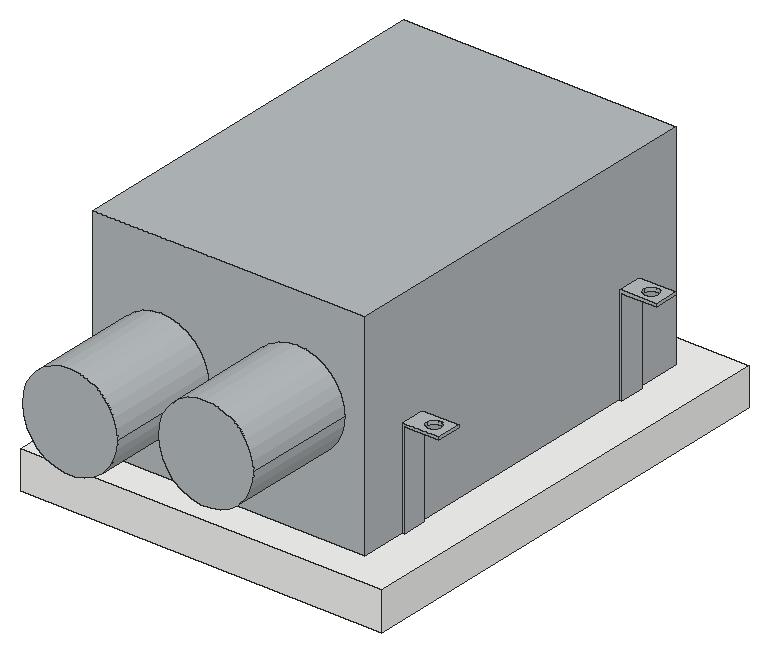
Revit family "v-142_243bz(l)5_60Hz", category 機械設備, Revit 2019
Family settings
  丸型コネクタ寸法 = 直径を使用
  パーツ タイプ = 標準
  OmniClass 番号 = 23.75.35.17.27
  OmniClass タイトル = Centrifugal Fans
  作業面ベース = いいえ
  常に垂直 = はい
  ロード時にボイドで切り取り = いいえ
  共有 = いいえ
  部屋計算ポイント = はい
Parameters (values of type "V-142BZ5")
  騒音レベル(dB(A)) [instance] = 45
  風量 [instance] = 170.0 m³/h
  電源種別 [instance] = ""
  電圧 = 100 V
  電動機出力 = 0 W
  電動機_種別 [instance] = ""
  運転質量 = 0.00 kg
  連動 [instance] = ""
  質量 = if(製品質量 > 運転質量, 製品質量, 運転質量) * 1.2  # 10.68 kg
  負荷分類 = 3_ファン類
  説明 = "バス乾燥・暖房・換気システム 標準タイプ 2部屋用"
  設計風量 [instance] = 0.0 m³/h
  設置方法 = "カセット形"
  記号 [instance] = ""
  製造元 = "三菱電機株式会社"
  製品質量 = 8.90 kg
  製品出荷対象 = "国内"
  製品リリース年月 = "2022年5月10日"
  製品グループ = ""
  系統 [instance] = ""
  符号 [instance] = if(☑給気／□排気, "FS", "FE")  # "FE"
  積算_科目 = "2 換気設備"
  積算_拾い区分 [instance] = ""
  相 = 1
  盤記号 [instance] = ""
  発停方法 [instance] = ""
  特殊仕様 [instance] = ""
  点検口離隔 = 150 mm
  点検口_Depth = 450 mm
  点検口 = yes
  火災停止 [instance] = ""
  消費電力 = 1250 W
  法定耐用年数 = "10"
  機外静圧 [instance] = 0.0 Pa
  極数 = 2
  材質 [instance] = ""
  操作・制御方式 = ""
  操作・制御スイッチ = ""
  排気量 [instance] = if(☑給気／□排気, 0.0 m³/h, 設計風量)  # 0.0 m³/h
  形式 = ""
  幹線記号 [instance] = ""
  対象室 [instance] = ""
  実風量 [instance] = 0.0 m³/h
  始動方式 [instance] = "直入"
  天吊金具ピッチ2 = 279.6 mm
  天吊金具ピッチ1 = 326.5 mm
  天吊金具_高さ = 99 mm
  天吊金具_径 = 15 mm
  外気量 [instance] = if(☑給気／□排気, 設計風量, 0.0 m³/h)  # 0.0 m³/h
  呼称 = "天井扇"
  周波数 = 60 Hz
  参照している仕様書等のバージョン = ""
  分類コード = "50052503100080"
  分類グループ = ""
  価格 = 124600
  企業コード = "108420"
  付属品_防振装置 = ""
  付属品 [instance] = ""
  仕様書バージョン = "Version1.0"
  モデル = "V-142BZ5"
  マテリアル = 亜鉛メッキ鋼板
  ファンの種類 = ""
  ダクト径 = 100 mm
  コメント [instance] = ""
  Keynote = ""
  カバーマテリアル = 合成樹脂(白)
  ☑給気／□排気 [instance] = no
  Width = 280 mm
  W1 = 372 mm
  Version = ""
  Uniclass2015Version = "Systems v1.9"
  Uniclass2015Title = "Centrifugal fans"
  Uniclass2015Code = "Pr_65_67_29_12"
  URL = "https://www.mitsubishielectric.co.jp/ldg/wink/ssl/displayProduct.do?pid=320525"
  SpecificationReference = ""
  SpecificationDescription = ""
  Revision = ""
  RAダクト接続口_A = yes
  RAダクト接続口_B = no
  RAダクト接続口_C = no
  RAサイズ_D = 98 mm
  ProductInformation = ""
  OmniClassCode = "23-33 31 19 11 15"
  MIN風量 = 90.0 m³/h
  MIN静圧 = 0.0 Pa
  MID風量 = 0.0 m³/h
  MID静圧 = 0.0 Pa
  MAX風量 = 170.0 m³/h
  MAX静圧 = 0.0 Pa
  IfcTypeProduct = ""
  IfcProduct = ""
  IfcExportType = "PROPELLORAXIAL"
  IfcExportAs = "IfcFanType"
  Height = 220 mm
  H1 = 39 mm
  EAサイズ_D = 98 mm
  Duct_RA_H = 101 mm
  Duct_RA_EA_W = 70 mm
  Duct_EA_H = 121 mm
  Duct_Depth = 117 mm
  DuctChange_D = 53.6 mm
  Depth = 400 mm
  D1 = 472 mm
  Author = "三菱電機株式会社"
Types (6, lengths in mm): name | 騒音レベル(dB(A)) | 風量 | 電圧 | 質量 | 説明 | 製品質量 | 消費電力 | 極数 | 価格 | モデル | URL | RAダクト接続口_B | MIN風量 | MAX風量 | Height
  V-142BZL5 | 45 | 170.0 m³/h | 100 V | 10.20 kg | "バス乾燥・暖房・換気システム 標準タイプ 2部屋用" | 8.50 kg | 1230 W | 2 | 150700 | "V-142BZL5" | "https://www.mitsubishielectric.co.jp/ldg/wink/ssl/displayProduct.do?pid=320526" | no | 90.0 m³/h | 170.0 m³/h | 200
  V-143BZL5 | 44 | 170.0 m³/h | 100 V | 10.44 kg | "バス乾燥・暖房・換気システム 標準タイプ 3部屋用" | 8.70 kg | 1230 W | 2 | 153000 | "V-143BZL5" | "https://www.mitsubishielectric.co.jp/ldg/wink/ssl/displayProduct.do?pid=320529" | yes | 90.0 m³/h | 170.0 m³/h | 200
  V-142BZ5 | 45 | 170.0 m³/h | 100 V | 10.68 kg | "バス乾燥・暖房・換気システム 標準タイプ 2部屋用" | 8.90 kg | 1250 W | 2 | 124600 | "V-142BZ5" | "https://www.mitsubishielectric.co.jp/ldg/wink/ssl/displayProduct.do?pid=320525" | no | 90.0 m³/h | 170.0 m³/h | 220
  V-143BZ5 | 44 | 170.0 m³/h | 100 V | 10.92 kg | "バス乾燥・暖房・換気システム 標準タイプ 3部屋用" | 9.10 kg | 1250 W | 2 | 126900 | "V-143BZ5" | "https://www.mitsubishielectric.co.jp/ldg/wink/ssl/displayProduct.do?pid=320528" | yes | 90.0 m³/h | 170.0 m³/h | 220
  V-242BZL5 | 49 | 210.0 m³/h | 200 V | 10.68 kg | "バス乾燥・暖房・換気システム 標準タイプ 2部屋用" | 8.90 kg | 2050 W | 3 | 176800 | "V-242BZL5" | "https://www.mitsubishielectric.co.jp/ldg/wink/ssl/displayProduct.do?pid=320491" | no | 110.0 m³/h | 210.0 m³/h | 200
  V-243BZL5 | 49 | 210.0 m³/h | 200 V | 11.04 kg | "バス乾燥・暖房・換気システム 標準タイプ 3部屋用" | 9.20 kg | 2050 W | 3 | 179000 | "V-243BZL5" | "https://www.mitsubishielectric.co.jp/ldg/wink/ssl/displayProduct.do?pid=320492" | yes | 110.0 m³/h | 210.0 m³/h | 200
Reference planes
  plane 1 "中心(正面/背面)": y = 0
  plane 2: z = 0
  plane 3 "中心(左/右)": x = 0
  plane 4: x = -186
  plane 5: x = 186
  plane 6: y = 236
  plane 7: y = -236
  plane 8: x = -140
  plane 9: x = 140
  plane 10: y = 200
  plane 11: y = -200
  plane 12: y = -317
  plane 13: z = 220
  plane 14: z = -39
  plane 15: z = 101
  plane 16: x = -163.25
  plane 17: x = 163.25
  plane 18: y = 139.8
  plane 19: y = -139.8
  plane 20: x = 70
  plane 21: x = -70
  plane 22: y = -53.6
  plane 23: x = -257
  plane 24: x = 257
  plane 25: x = -290
  plane 26: x = -740
  plane 27: y = 225
  plane 28: y = -225
  plane 29: z = 121
  plane 30: x = -143
  plane 31: x = 143
  plane 32: z = 102
  plane 33: z = 99
Forms (mm)
  Extrusion 1, solid, material "亜鉛メッキ鋼板" <- "マテリアル", detail levels fine
    sketch origin (0, 0, 0) x (1, 0, 0) y (0, 1, 0)
      loop
        line (-140, 200) -> (-140, -200) -> (140, -200) -> (140, 200) -> (-140, 200)
    from 0 to 220
  Extrusion 2, solid, material "合成樹脂(白)" <- "カバーマテリアル", detail levels fine
    sketch origin (0, 0, 0) x (1, 0, 0) y (0, 1, 0)
      loop
        line (-186, 236) -> (-186, -236) -> (186, -236) -> (186, 236) -> (-186, 236)
    from 0 to -39
  Extrusion 3, solid, material "亜鉛メッキ鋼板" <- "マテリアル", detail levels fine
    sketch origin (0, 0, 0) x (1, 0, 0) y (0, 0, 1)
      loop
        circle (70, 121) r 49
    from 200 to 317
  Extrusion 4, solid, material "亜鉛メッキ鋼板" <- "マテリアル", visible <- "RAダクト接続口_A", detail levels fine
    sketch origin (0, 0, 0) x (1, 0, 0) y (0, 0, 1)
      loop
        circle (-70, 101) r 49
    from 200 to 317
  Extrusion 5, solid, material "亜鉛メッキ鋼板" <- "マテリアル", visible <- "RAダクト接続口_C", detail levels fine
    sketch origin (0, 0, 0) x (0, 1, 0) y (0, 0, 1)
      loop
        circle (-53.6, 101) r 49
    from 140 to 257
  Extrusion 6, solid, material "亜鉛メッキ鋼板" <- "マテリアル", visible <- "RAダクト接続口_B", detail levels fine
    sketch origin (0, 0, 0) x (0, 1, 0) y (0, 0, 1)
      loop
        circle (-53.6, 101) r 49
    from -257 to -140
  Extrusion 7, solid, material "亜鉛メッキ鋼板" <- "マテリアル", detail levels fine
    sketch origin (0, 0, 0) x (1, 0, 0) y (0, 1, 0)
      loop
        line (-140, -127.3) -> (-178.25, -127.3) -> (-178.25, -152.3) -> (-140, -152.3) -> (-140, -127.3)
      loop
        circle (-163.25, -139.8) r 7.5
      loop
        line (-140, 152.3) -> (-178.25, 152.3) -> (-178.25, 127.3) -> (-140, 127.3) -> (-140, 152.3)
      loop
        line (140, -127.3) -> (140, -152.3) -> (178.25, -152.3) -> (178.25, -127.3) -> (140, -127.3)
      loop
        line (140, 152.3) -> (140, 127.3) -> (178.25, 127.3) -> (178.25, 152.3) -> (140, 152.3)
      loop
        circle (-163.25, 139.8) r 7.5
      loop
        circle (163.25, 139.8) r 7.5
      loop
        circle (163.25, -139.8) r 7.5
    from 99 to 102
  Extrusion 8, solid, material "亜鉛メッキ鋼板" <- "マテリアル", detail levels fine
    sketch origin (0, 0, 0) x (1, 0, 0) y (0, 1, 0)
      loop
        line (-143, -127.3) -> (-143, -152.3) -> (-140, -152.3) -> (-140, -127.3) -> (-143, -127.3)
      loop
        line (-143, 152.3) -> (-143, 127.3) -> (-140, 127.3) -> (-140, 152.3) -> (-143, 152.3)
      loop
        line (143, 152.3) -> (140, 152.3) -> (140, 127.3) -> (143, 127.3) -> (143, 152.3)
      loop
        line (143, -127.3) -> (140, -127.3) -> (140, -152.3) -> (143, -152.3) -> (143, -127.3)
    from 0 to 102
Cuts and joins
  joined: Extrusion 7, Extrusion 8
Dimensions and locks
  equal spacing: plane 4, plane 3 "中心(左/右)", plane 5
  "W1": plane 4 to plane 5
  equal spacing: plane 6, plane 1 "中心(正面/背面)", plane 7
  "D1": plane 6 to plane 7
  equal spacing: plane 8, plane 3 "中心(左/右)", plane 9
  "Width": plane 8 to plane 9
  equal spacing: plane 10, plane 1 "中心(正面/背面)", plane 11
  "Depth": plane 10 to plane 11
  "Duct_Depth": plane 11 to plane 12
  "Height": plane 13 to plane 2
  "Duct_RA_H": plane 15 to plane 2
  equal spacing: plane 16, plane 3 "中心(左/右)", plane 17
  "天吊金具ピッチ1": plane 16 to plane 17
  equal spacing: plane 18, plane 1 "中心(正面/背面)", plane 19
  "天吊金具ピッチ2": plane 18 to plane 19
  "H1": plane 2 to plane 14
  "Duct_RA_EA_W": plane 20 to plane 3 "中心(左/右)"
  "Duct_RA_EA_W": plane 21 to plane 3 "中心(左/右)"
  "DuctChange_D": plane 1 "中心(正面/背面)" to plane 22
  "Duct_Depth": plane 23 to plane 8
  "Duct_Depth": plane 9 to plane 24
  "点検口_Depth": plane 27 to plane 28
  equal spacing: plane 27, plane 1 "中心(正面/背面)", plane 28
  "点検口_Depth": plane 26 to plane 25
  "点検口離隔": plane 25 to plane 8
  "Duct_EA_H": plane 29 to level
  Extrusion 7 sketch curve to Extrusion 7 sketch curve = 25 mm  (x4)
  equal spacing: Extrusion 7 sketch curve, plane 19, Extrusion 7 sketch curve  (x2)
  Extrusion 7 sketch curve to plane 16 = 15 mm  (x2)
  equal spacing: Extrusion 7 sketch curve, plane 18, Extrusion 7 sketch curve  (x2)
  plane 17 to Extrusion 7 sketch curve = 15 mm  (x2)
  plane 9 to plane 31 = 3 mm
  plane 30 to plane 8 = 3 mm
  plane 32 to plane 33 = 3 mm
  "天吊金具_高さ": plane 33 to plane 2
  "RAサイズ_D": diameter of Extrusion 4 sketch curve
  "RAサイズ_D": diameter of Extrusion 5 sketch curve
  "RAサイズ_D": diameter of Extrusion 6 sketch curve
  "EAサイズ_D": diameter of Extrusion 3 sketch curve
  "天吊金具_径": diameter of Extrusion 7 sketch curve  (x4)
  aligned and locked: level to plane 2
  aligned and locked: plane 5 to Extrusion 2
  aligned and locked: plane 6 to Extrusion 2
  aligned and locked: Extrusion 2 to plane 4
  aligned and locked: Extrusion 2 to plane 7
  aligned and locked: plane 9 to Extrusion 1
  aligned and locked: Extrusion 1 to plane 11
  aligned and locked: Extrusion 1 to plane 8
  aligned and locked: plane 10 to Extrusion 1
  aligned and locked: plane 13 to Extrusion 1
  aligned and locked: Extrusion 2 to plane 14
  aligned and locked: level to Extrusion 2
  aligned and locked: Extrusion 1 to level
  aligned and locked: Extrusion 3 to plane 12
  aligned and locked: plane 11 to Extrusion 3
  aligned and locked: nested 2 to plane 16
  aligned and locked: nested 2 to plane 17
  aligned and locked: nested 2 to plane 19
  aligned and locked: nested 2 to plane 18
  aligned and locked: Extrusion 4 to plane 12
  aligned and locked: plane 11 to Extrusion 4
  aligned and locked: Extrusion 6 to plane 23
  aligned and locked: plane 8 to Extrusion 6
  aligned and locked: plane 24 to Extrusion 5
  aligned and locked: Extrusion 5 to plane 9
  aligned and locked: plane 25 to nested 3
  aligned and locked: plane 26 to nested 3
  aligned and locked: plane 28 to nested 3
  aligned and locked: plane 27 to nested 3
  aligned and locked: plane 8 to Extrusion 7 sketch curve
  aligned and locked: plane 9 to Extrusion 7 sketch curve  (x2)
  aligned and locked: Extrusion 8 sketch curve to Extrusion 7  (x10)
  aligned and locked: plane 30 to Extrusion 8 sketch curve  (x2)
  aligned and locked: Extrusion 7 to Extrusion 8 sketch curve  (x2)
  aligned and locked: plane 31 to Extrusion 8 sketch curve  (x2)
  aligned and locked: plane 32 to Extrusion 7
  aligned and locked: Extrusion 7 to plane 33
  aligned and locked: plane 32 to Extrusion 8
  aligned and locked: Extrusion 8 to plane 2
Automatic sketch dimensions
  Extrusion 4 sketch curve to plane 15 = 0 mm
  plane 21 to Extrusion 4 sketch curve = 0 mm
  Extrusion 5 sketch curve to plane 15 = 0 mm
  Extrusion 5 sketch curve to plane 22 = 0 mm
  Extrusion 6 sketch curve to plane 15 = 0 mm
  Extrusion 6 sketch curve to plane 22 = 0 mm
  Extrusion 3 sketch curve to plane 20 = 0 mm
  Extrusion 3 sketch curve to plane 29 = 0 mm
  Extrusion 1 sketch curve to plane 8 = 0 mm
  Extrusion 1 sketch curve to plane 9 = 0 mm
  Extrusion 1 sketch curve to plane 11 = 0 mm
  Extrusion 1 sketch curve to plane 10 = 0 mm
  Extrusion 2 sketch curve to plane 4 = 0 mm
  Extrusion 2 sketch curve to plane 5 = 0 mm
  Extrusion 2 sketch curve to plane 7 = 0 mm
  Extrusion 2 sketch curve to plane 6 = 0 mm
  Extrusion 7 sketch curve to plane 16 = 0 mm  (x2)
  Extrusion 7 sketch curve to plane 8 = 0 mm
  Extrusion 7 sketch curve to plane 17 = 0 mm  (x2)
  Extrusion 7 sketch curve to plane 19 = 0 mm  (x2)
  Extrusion 7 sketch curve to plane 18 = 0 mm  (x2)
Nested families
  nested 1: "記号_天井換気扇_平面" at (0, 0, 0), type "記号_天井換気扇_平面", detail levels coarse+medium
  nested 2: "固定点" at (-163.25, -139.8, 0), type "固定点"
    with W 326.5 mm, D 279.6 mm
  nested 3: "点検口設置範囲" at (-515, 0, 0), visible <- "点検口", type "点検口設置範囲"
    with Width 450 mm, Depth 450 mm
Connectors
  hvac at (70, -317, 121), driven by "ダクト径", driven by "風量", driven by "機外静圧"
    settings: on Extrusion 3, index 1, duct flow 170.0 m³/h, flow factor 0, pres drop 0.0 Pa, loss coef 0, conn angle 0.00°, conn width 304.8 mm, conn height 304.8 mm, conn diameter 100 mm, duct sys type 3, conn prof type 0, flow config 0, flow direction 2, loss method 4, conn ref index -1, conn util no, is conn primary yes, conn desc ""
  hvac at (-70, -317, 101), driven by "ダクト径", driven by "機外静圧", driven by "風量"
    settings: on Extrusion 4, index 3, duct flow 170.0 m³/h, flow factor 0, pres drop 0.0 Pa, loss coef 0, conn angle 0.00°, conn width 304.8 mm, conn height 304.8 mm, conn diameter 100 mm, duct sys type 2, conn prof type 0, flow config 0, flow direction 1, loss method 4, conn ref index -1, conn util no, is conn primary no, conn desc ""
  hvac at (257, -53.6, 101), driven by "ダクト径", driven by "機外静圧", driven by "風量"
    settings: on Extrusion 5, index 4, duct flow 170.0 m³/h, flow factor 0, pres drop 0.0 Pa, loss coef 0, conn angle 0.00°, conn width 304.8 mm, conn height 304.8 mm, conn diameter 100 mm, duct sys type 2, conn prof type 0, flow config 0, flow direction 1, loss method 4, conn ref index -1, conn util no, is conn primary no, conn desc ""
  hvac at (-257, -53.6, 101), driven by "ダクト径", driven by "機外静圧", driven by "風量"
    settings: on Extrusion 6, index 5, duct flow 170.0 m³/h, flow factor 0, pres drop 0.0 Pa, loss coef 0, conn angle 0.00°, conn width 304.8 mm, conn height 304.8 mm, conn diameter 100 mm, duct sys type 2, conn prof type 0, flow config 0, flow direction 1, loss method 4, conn ref index -1, conn util no, is conn primary no, conn desc ""
  electrical at (0, 0, 220), driven by "極数", driven by "負荷分類", driven by "電圧", driven by "消費電力"
    settings: on Extrusion 1, index 6, voltage 100 V, apparent load 1250 VA, apparent load phase1 0 VA, apparent load phase2 0 VA, apparent load phase3 0 VA, power factor 1, load classification "3_ファン類", number of poles 2, system type 30, power factor state 1, is connector primary yes, connector utility no, sub classification motor no, connector description ""
Definition of nested family "記号_天井換気扇_平面"
  Reference planes
    plane 1: y = 0
    plane 2: x = 0
  Lines and regions (mm)
    detail lines
      curve 1: line (-2.5, 2.5, 0) -> (2.5, 2.5, 0)
      curve 2: line (-2.5, -2.5, 0) -> (-2.5, 2.5, 0)
      curve 3: line (2.5, -2.5, 0) -> (-2.5, -2.5, 0)
      curve 4: line (2.5, 2.5, 0) -> (2.5, -2.5, 0)
      curve 5: circle (-1.04, -1.04, 0) r 1.46 normal (0, 0, 1)
      curve 6: circle (1.04, 1.04, 0) r 1.46 normal (0, 0, 1)
      curve 7: line (-3.125, 3.125, 0) -> (3.125, 3.125, 0)
      curve 8: line (-3.125, -3.125, 0) -> (-3.125, 3.125, 0)
      curve 9: line (3.125, -3.125, 0) -> (-3.125, -3.125, 0)
      curve 10: line (3.125, 3.125, 0) -> (3.125, -3.125, 0)
      curve 11: circle (1.295, 1.295, 0) r 1.83 normal (0, 0, 1)
      curve 12: circle (-1.295, -1.295, 0) r 1.83 normal (0, 0, 1)
      curve 13: line (-2, 2, 0) -> (2, 2, 0)
      curve 14: line (-2, -2, 0) -> (-2, 2, 0)
      curve 15: line (2, -2, 0) -> (-2, -2, 0)
      curve 16: line (2, 2, 0) -> (2, -2, 0)
      curve 17: circle (0.84, 0.84, 0) r 1.16 normal (0, 0, 1)
      curve 18: circle (-0.84, -0.84, 0) r 1.2 normal (0, 0, 1)
Definition of nested family "固定点"
  Parameters (values of type "固定点")
    中心円 = 20 mm
    W [instance] = 1000 mm
    D [instance] = 1000 mm
  Reference planes
    plane 1 "中心(正面/背面)": y = 0
    plane 2: z = 0
    plane 3 "中心(左/右)": x = 0
    plane 4: x = 1000
    plane 5: y = 1000
  Lines and regions (mm)
    symbolic lines, detail levels fine
      curve 1: circle (0, 1000, 0) r 10 normal (0, 0, 1)
      curve 2: circle (0, 0, 0) r 10 normal (0, 0, 1)
      curve 3: circle (1000, 1000, 0) r 10 normal (0, 0, 1)
      curve 4: circle (1000, 0, 0) r 10 normal (0, 0, 1)
      curve 5: line (-200, 1000, 0) -> (1200, 1000, 0)
      curve 6: line (-200, 0, 0) -> (1200, 0, 0)
      curve 7: line (0, 1200, 0) -> (0, -200, 0)
      curve 8: line (1000, 1200, 0) -> (1000, -200, 0)
  Dimensions and locks
    "W": plane 3 "中心(左/右)" to plane 4
    "D": plane 1 "中心(正面/背面)" to plane 5
    "中心円": diameter of curve 1
    "中心円": diameter of curve 2
    "中心円": diameter of curve 3
    "中心円": diameter of curve 4
    aligned and locked: level to plane 2
    aligned and locked: plane 5 to curve 1
    aligned and locked: plane 3 "中心(左/右)" to curve 1
    aligned and locked: plane 3 "中心(左/右)" to curve 2
    aligned and locked: plane 1 "中心(正面/背面)" to curve 2
    aligned and locked: plane 4 to curve 3
    aligned and locked: plane 5 to curve 3
    aligned and locked: plane 1 "中心(正面/背面)" to curve 4
    aligned and locked: plane 4 to curve 4
    aligned and locked: plane 1 "中心(正面/背面)" to curve 6
    aligned and locked: curve 7 to plane 3 "中心(左/右)"
    aligned and locked: curve 8 to plane 4
  Automatic sketch dimensions
    curve 5 to plane 5 = 0 mm
    curve 6 to plane 3 "中心(左/右)" = 200 mm
    curve 5 to plane 3 "中心(左/右)" = 200 mm
    curve 4 to curve 6 = 200 mm
    curve 3 to curve 5 = 200 mm
    plane 1 "中心(正面/背面)" to curve 8 = 200 mm
    plane 1 "中心(正面/背面)" to curve 7 = 200 mm
    curve 3 to curve 8 = 200 mm
    curve 1 to curve 7 = 200 mm
Definition of nested family "点検口設置範囲"
  Parameters (values of type "点検口設置範囲")
    Width [instance] = 1000 mm
    Depth [instance] = 700 mm
  Reference planes
    plane 1 "中心(正面/背面)": y = 0
    plane 2: z = 0
    plane 3 "中心(左/右)": x = 0
    plane 4: x = -500
    plane 5: x = 500
    plane 6: y = -350
    plane 7: y = 350
  Lines and regions (mm)
    model lines
      curve 1: line (-500, 350, 0) -> (500, 350, 0)
      curve 2: line (-500, -350, 0) -> (-500, 350, 0)
      curve 3: line (500, -350, 0) -> (-500, -350, 0)
      curve 4: line (500, 350, 0) -> (500, -350, 0)
  Dimensions and locks
    "Depth": plane 7 to plane 6
    "Width": plane 4 to plane 5
    equal spacing: plane 7, plane 1 "中心(正面/背面)", plane 6
    equal spacing: plane 4, plane 3 "中心(左/右)", plane 5
    aligned and locked: level to plane 2
    aligned and locked: plane 4 to curve 2
    aligned and locked: curve 1 to plane 7
    aligned and locked: curve 4 to plane 5
    aligned and locked: plane 6 to curve 3
